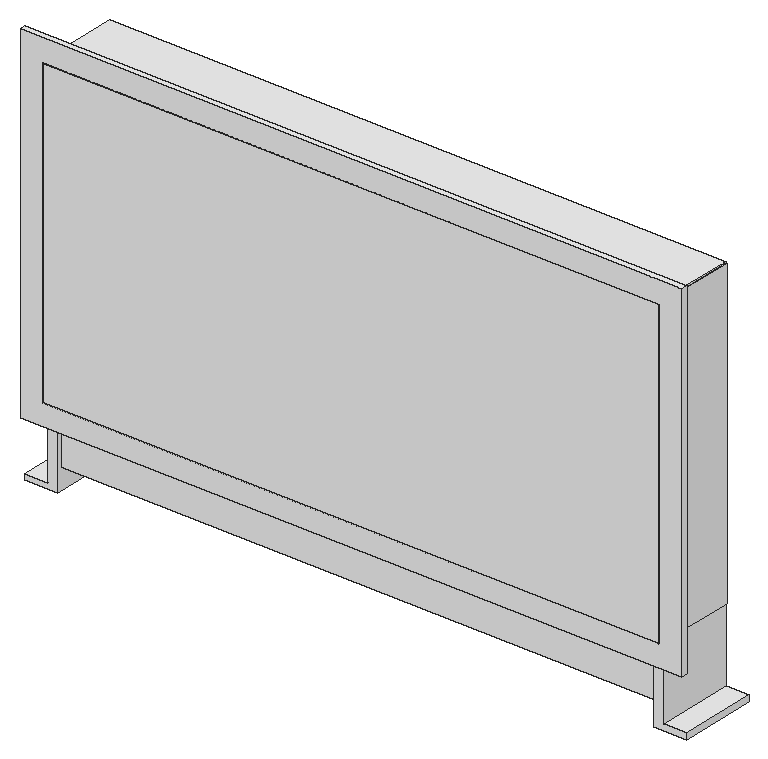
Revit family "1R553FPDB 1031IT_HIGH FLOW", category Pipe Accessories, Revit 2018 (continued)
Definition of nested family "last regulator"
  Automatic sketch dimensions
    Extrusion 7 sketch curve to plane 3 "Center (Left/Right)" = 9.379 mm
    Extrusion 7 sketch curve to Extrusion 7 sketch curve = 7.486 mm
    Extrusion 7 sketch curve to Extrusion 7 sketch curve = 1.039 mm
    Extrusion 8 sketch curve to plane 1 "Center (Front/Back)" = 5.116 mm
    plane 3 "Center (Left/Right)" to Extrusion 8 sketch curve = 9.912 mm
    Extrusion 8 sketch curve to Extrusion 8 sketch curve = 6.525 mm
    Extrusion 8 sketch curve to Extrusion 8 sketch curve = 1.039 mm
    plane 1 "Center (Front/Back)" to Extrusion 9 sketch curve = 6.021 mm
    plane 3 "Center (Left/Right)" to Extrusion 9 sketch curve = 9.379 mm
    Extrusion 9 sketch curve to Extrusion 9 sketch curve = 8.734 mm
    Extrusion 9 sketch curve to Extrusion 9 sketch curve = 1.039 mm
    Extrusion 10 sketch curve to plane 3 "Center (Left/Right)" = 0 mm  (x3)
    plane 1 "Center (Front/Back)" to Extrusion 10 sketch curve = 14.425 mm
    plane 1 "Center (Front/Back)" to Extrusion 10 sketch curve = 7.208 mm  (x2)
    Extrusion 10 sketch curve to plane 1 "Center (Front/Back)" = 0.009 mm
    Extrusion 10 sketch curve to plane 1 "Center (Front/Back)" = 7.225 mm  (x2)
    Extrusion 10 sketch curve to Extrusion 10 sketch curve = 7.217 mm
    plane 3 "Center (Left/Right)" to Extrusion 10 sketch curve = 12.5 mm
    Extrusion 10 sketch curve to plane 3 "Center (Left/Right)" = 12.5 mm
    Revolve 11 sketch curve to plane 1 "Center (Front/Back)" = 13.346 mm
    Revolve 11 sketch curve to Revolve 11 sketch curve = 0.922 mm
    Revolve 11 sketch curve to Revolve 11 sketch curve = 0.937 mm
    Revolve 11 sketch curve to Revolve 11 sketch curve = 0.028 mm
    Revolve 11 sketch curve to Revolve 11 sketch curve = 0 mm  (x5)
    Revolve 11 sketch curve to Revolve 11 sketch curve = 0.014 mm
    Revolve 11 sketch curve to Revolve 11 sketch curve = 0.713 mm  (x7)
    Revolve 11 sketch curve to Revolve 11 sketch curve = 0.726 mm
    level to Revolve 11 sketch curve = 17.3 mm
    Revolve 11 sketch curve to Revolve 11 sketch curve = 1.032 mm
    Revolve 11 sketch curve to Revolve 11 sketch curve = 0.741 mm
    Revolve 11 sketch curve to Revolve 11 sketch curve = 0.931 mm
    Revolve 11 sketch curve to plane 1 "Center (Front/Back)" = 0.009 mm
    level to Revolve 11 sketch curve = 11.05 mm
    Revolve 11 sketch curve to plane 4 = 11.319 mm
    Extrusion 12 sketch curve to plane 3 "Center (Left/Right)" = 0 mm  (x3)
    plane 1 "Center (Front/Back)" to Extrusion 12 sketch curve = 0 mm
    plane 1 "Center (Front/Back)" to Extrusion 12 sketch curve = 8.66 mm  (x2)
    plane 1 "Center (Front/Back)" to Extrusion 12 sketch curve = 17.321 mm
    Extrusion 12 sketch curve to plane 1 "Center (Front/Back)" = 8.66 mm  (x2)
    Extrusion 12 sketch curve to Extrusion 12 sketch curve = 8.66 mm
    plane 3 "Center (Left/Right)" to Extrusion 12 sketch curve = 15 mm
    Extrusion 12 sketch curve to plane 3 "Center (Left/Right)" = 15 mm
    Revolve 13 sketch curve to plane 3 "Center (Left/Right)" = 0 mm  (x2)
    Revolve 13 sketch curve to plane 3 "Center (Left/Right)" = 12.466 mm
    Revolve 13 sketch curve to plane 4 = 2.594 mm
    Revolve 13 sketch curve to Revolve 13 sketch curve = 0 mm
    Revolve 13 sketch curve to Revolve 13 sketch curve = 1.157 mm
    Revolve 13 sketch curve to Revolve 13 sketch curve = 0.968 mm  (x2)
    Revolve 13 sketch curve to plane 4 = 3.751 mm
    Revolve 13 sketch curve to Revolve 13 sketch curve = 5.944 mm
    Revolve 13 sketch curve to Revolve 13 sketch curve = 7.881 mm
    Revolve 13 sketch curve to Revolve 13 sketch curve = 6.11 mm
    plane 4 to Revolve 13 sketch curve = 3.077 mm
    Revolve 14 sketch curve to plane 3 "Center (Left/Right)" = 0 mm  (x2)
    Revolve 14 sketch curve to plane 4 = 0 mm
    plane 3 "Center (Left/Right)" to Revolve 14 sketch curve = 17.125 mm
    Revolve 14 sketch curve to plane 5 = 19.608 mm
    Revolve 14 sketch curve to Revolve 14 sketch curve = 18.992 mm
    Revolve 14 sketch curve to Revolve 14 sketch curve = 22.888 mm
    plane 3 "Center (Left/Right)" to Extrusion 15 sketch curve = 20.309 mm
    Extrusion 15 sketch curve to Extrusion 15 sketch curve = 0.597 mm  (x2)
    Extrusion 15 sketch curve to Extrusion 15 sketch curve = 0.776 mm
    Extrusion 15 sketch curve to Extrusion 15 sketch curve = 1.299 mm
    Extrusion 15 sketch curve to Extrusion 15 sketch curve = 1.449 mm
    Extrusion 15 sketch curve to Extrusion 15 sketch curve = 0.807 mm
    Extrusion 15 sketch curve to plane 5 = 19.608 mm
    Extrusion 15 sketch curve to Extrusion 15 sketch curve = 1.208 mm
    Extrusion 15 sketch curve to Extrusion 15 sketch curve = 0.803 mm
    Extrusion 15 sketch curve to Extrusion 15 sketch curve = 0.601 mm
    Extrusion 16 sketch curve to plane 3 "Center (Left/Right)" = 20.411 mm
    Extrusion 16 sketch curve to Extrusion 16 sketch curve = 0.597 mm  (x2)
    Extrusion 16 sketch curve to Extrusion 16 sketch curve = 0.776 mm
    Extrusion 16 sketch curve to Extrusion 16 sketch curve = 1.299 mm
    Extrusion 16 sketch curve to Extrusion 16 sketch curve = 1.449 mm
    Extrusion 16 sketch curve to Extrusion 16 sketch curve = 0.807 mm
    Extrusion 16 sketch curve to plane 5 = 19.608 mm
    Extrusion 16 sketch curve to Extrusion 16 sketch curve = 1.208 mm
    Extrusion 16 sketch curve to Extrusion 16 sketch curve = 0.803 mm
    Extrusion 16 sketch curve to Extrusion 16 sketch curve = 0.601 mm
    Revolve 17 sketch curve to plane 5 = 0 mm  (x2)
    plane 3 "Center (Left/Right)" to Revolve 17 sketch curve = 16.507 mm
    Revolve 17 sketch curve to Revolve 17 sketch curve = 2.17 mm  (x2)
    Revolve 17 sketch curve to Revolve 17 sketch curve = 21.5 mm
    Revolve 17 sketch curve to Revolve 17 sketch curve = 2.343 mm
    Revolve 17 sketch curve to plane 5 = 16.665 mm
    Revolve 17 sketch curve to Revolve 17 sketch curve = 16.838 mm
    plane 3 "Center (Left/Right)" to Revolve 17 sketch curve = 1.563 mm
    Revolve 17 sketch curve to Revolve 17 sketch curve = 24.042 mm
    radius of Extrusion 3 sketch curve = 1.156 mm
    radius of Extrusion 10 sketch curve = 11.904 mm
    radius of Extrusion 12 sketch curve = 14.53 mm
Definition of nested family "CAP Last "
  Reference planes
    plane 1 "Center (Front/Back)": y = 0
    plane 2: z = 0
    plane 3 "Center (Left/Right)": x = 0
    plane 4: y = -18.487
    plane 5: y = 18.365
    plane 6: y = 0
    plane 7: x = 50
    plane 8: z = 12.042
    plane 9: z = 91.037
    plane 10: z = 51.54
  Forms (mm)
    Extrusion 1, solid
      sketch origin (-0.186, 0, 9.763) x (1, 0, 0) y (0, 1, 0)
        loop
          line (14, 0) -> (7, 12.124) -> (-7, 12.124) -> (-14, 0) -> (-7, -12.124) -> (7, -12.124) -> (14, 0)
        loop
          circle (0, 0) r 10
      from 14.741 to 21.458
    Revolve 2, solid
      sketch origin (0, -0.255, 14.816) x (0, 1, 0) y (0, 0, 1)
        loop
          line (-10.111, 5.44) -> (-11.69, 3.861) -> (-10.742, 2.913) -> (-11.69, 1.965) -> (-10.742, 1.017) -> (-11.69, 0.07) -> (-10.742, -0.878) -> (-11.69, -1.826) -> (-10.742, -2.774) -> (-8.739, -2.774) -> (-8.739, 9.688) -> (-10.111, 9.688) -> (-10.111, 5.44)
        axis (0.255, 9.688) -> (0.255, -2.774)
      angle from 0 to 360
    Extrusion 3, solid
      sketch origin (0, 0, 0.403) x (1, 0, 0) y (0, 1, 0)
        loop
          line (14.104, 8.143) -> (0, 16.286) -> (-14.104, 8.143) -> (-14.104, -8.143) -> (0, -16.286) -> (14.104, -8.143) -> (14.104, 8.143)
        loop
          circle (0, 0) r 13.143
      from 69.435 to 69.99
    Revolve 4, solid
      sketch origin (0, 0, 0) x (1, 0, 0) y (0, 0, 1)
        loop
          line (0, 69.838) -> (-14.186, 69.838) -> (-14.186, 31.222) -> (0, 31.222) -> (0, 69.838)
        axis (0, 69.838) -> (0, 31.222)
      angle from 0 to 360
    Revolve 5, solid
      sketch origin (0, 0, -1.25) x (1, 0, 0) y (0, 0, 1)
        loop
          line (14.116, 51.54) -> (43.111, 51.54) -> (43.111, 69.735) -> (40.493, 71.246) -> (16.733, 71.246) -> (14.116, 69.735) -> (14.116, 51.54)
        axis (14.116, 51.54) -> (43.111, 51.54)
      angle from 0 to 360
    Extrusion 6, solid
      sketch origin (0, 0, 0) x (1, 0, 0) y (0, 1, 0)
        loop
          arc (-1.222, 15.953) -> (-6.252, 14.728) -> (-10.627, 11.961) r 16
          arc (-10.627, 11.961) -> (-12.355, 11.931) -> (-12.325, 10.203) r 1.222
          arc (-12.325, 10.203) -> (-14.835, 5.994) -> (-15.953, 1.222) r 16
          arc (-15.953, 1.222) -> (-17.176, 0) -> (-15.953, -1.222) r 1.222
          arc (-15.953, -1.222) -> (-14.835, -5.994) -> (-12.325, -10.203) r 16
          arc (-12.325, -10.203) -> (-12.355, -11.931) -> (-10.627, -11.961) r 1.222
          arc (-10.627, -11.961) -> (-6.252, -14.728) -> (-1.222, -15.953) r 16
          arc (-1.222, -15.953) -> (0, -17.176) -> (1.222, -15.953) r 1.222
          arc (1.222, -15.953) -> (6.252, -14.728) -> (10.627, -11.961) r 16
          arc (10.627, -11.961) -> (12.355, -11.931) -> (12.325, -10.203) r 1.222
          arc (12.325, -10.203) -> (14.835, -5.994) -> (15.953, -1.222) r 16
          arc (15.953, -1.222) -> (17.176, 0) -> (15.953, 1.222) r 1.222
          arc (15.953, 1.222) -> (14.835, 5.994) -> (12.325, 10.203) r 16
          arc (12.325, 10.203) -> (12.355, 11.931) -> (10.627, 11.961) r 1.222
          arc (10.627, 11.961) -> (6.252, 14.728) -> (1.222, 15.953) r 16
          arc (1.222, 15.953) -> (0, 17.176) -> (-1.222, 15.953) r 1.222
      from 70.393 to 91.037
  Dimensions and locks
    plane 9 to plane 8 = 78.994 mm
    equal spacing: plane 9, plane 10, plane 8
    aligned and locked: level to plane 2
  Automatic sketch dimensions
    plane 1 "Center (Front/Back)" to Extrusion 1 sketch curve = 0 mm  (x3)
    Extrusion 1 sketch curve to plane 3 "Center (Left/Right)" = 14.186 mm
    Extrusion 1 sketch curve to plane 3 "Center (Left/Right)" = 7.186 mm  (x2)
    Extrusion 1 sketch curve to plane 3 "Center (Left/Right)" = 0.186 mm
    plane 3 "Center (Left/Right)" to Extrusion 1 sketch curve = 6.814 mm  (x2)
    plane 3 "Center (Left/Right)" to Extrusion 1 sketch curve = 13.814 mm
    plane 4 to Extrusion 1 sketch curve = 6.363 mm
    Extrusion 1 sketch curve to plane 5 = 6.24 mm
    plane 8 to Revolve 2 sketch curve = 0 mm
    Revolve 2 sketch curve to plane 1 "Center (Front/Back)" = 0 mm
    plane 1 "Center (Front/Back)" to Revolve 2 sketch curve = 8.993 mm
    Revolve 2 sketch curve to Revolve 2 sketch curve = 1.372 mm
    Revolve 2 sketch curve to Revolve 2 sketch curve = 2.004 mm
    Revolve 2 sketch curve to plane 8 = 1.896 mm
    Revolve 2 sketch curve to Revolve 2 sketch curve = 0 mm  (x2)
    Revolve 2 sketch curve to Revolve 2 sketch curve = 0.632 mm
    Revolve 2 sketch curve to plane 8 = 4.739 mm
    Revolve 2 sketch curve to Revolve 2 sketch curve = 0.948 mm  (x2)
    Revolve 2 sketch curve to plane 8 = 2.843 mm
    Revolve 2 sketch curve to Revolve 2 sketch curve = 4.248 mm
    plane 8 to Revolve 2 sketch curve = 2.279 mm
    Revolve 2 sketch curve to Revolve 2 sketch curve = 1.125 mm
    Extrusion 3 sketch curve to plane 3 "Center (Left/Right)" = 0 mm  (x3)
    plane 1 "Center (Front/Back)" to Extrusion 3 sketch curve = 0 mm
    Extrusion 3 sketch curve to plane 3 "Center (Left/Right)" = 14.104 mm
    plane 3 "Center (Left/Right)" to Extrusion 3 sketch curve = 14.104 mm
    plane 1 "Center (Front/Back)" to Extrusion 3 sketch curve = 8.143 mm  (x2)
    plane 4 to Extrusion 3 sketch curve = 2.202 mm
    Extrusion 3 sketch curve to plane 1 "Center (Front/Back)" = 8.143 mm  (x2)
    Extrusion 3 sketch curve to plane 5 = 2.079 mm
    Revolve 4 sketch curve to plane 3 "Center (Left/Right)" = 0 mm  (x2)
    Revolve 4 sketch curve to plane 3 "Center (Left/Right)" = 14.186 mm
    plane 10 to Revolve 4 sketch curve = 20.318 mm
    Revolve 4 sketch curve to plane 10 = 18.298 mm
    level to Revolve 4 sketch curve = 5.869 mm
    Revolve 4 sketch curve to Revolve 4 sketch curve = 1.888 mm
    plane 10 to Revolve 5 sketch curve = 1.25 mm  (x2)
    plane 3 "Center (Left/Right)" to Revolve 5 sketch curve = 14.116 mm
    Revolve 5 sketch curve to Revolve 5 sketch curve = 2.617 mm  (x2)
    Revolve 5 sketch curve to plane 7 = 9.507 mm
    Revolve 5 sketch curve to plane 10 = 16.945 mm  (x2)
    Revolve 5 sketch curve to Revolve 5 sketch curve = 1.511 mm
    plane 3 "Center (Left/Right)" to Revolve 5 sketch curve = 7.026 mm
    Revolve 5 sketch curve to Revolve 5 sketch curve = 4.22 mm
    Extrusion 6 sketch curve to Extrusion 6 sketch curve = 0 mm  (x56)
    plane 1 "Center (Front/Back)" to Extrusion 6 sketch curve = 0 mm  (x3)
    Extrusion 6 sketch curve to plane 3 "Center (Left/Right)" = 0 mm  (x3)
    Extrusion 6 sketch curve to plane 5 = 7.282 mm  (x2)
    Extrusion 6 sketch curve to plane 3 "Center (Left/Right)" = 11.476 mm  (x2)
    plane 4 to Extrusion 6 sketch curve = 7.405 mm  (x2)
    Extrusion 6 sketch curve to Extrusion 6 sketch curve = 4.477 mm  (x2)
    plane 3 "Center (Left/Right)" to Extrusion 6 sketch curve = 11.476 mm  (x2)
    plane 4 to Extrusion 6 sketch curve = 2.534 mm
    Extrusion 6 sketch curve to plane 5 = 2.411 mm
    Extrusion 6 sketch curve to plane 3 "Center (Left/Right)" = 1.222 mm
    Extrusion 6 sketch curve to Extrusion 6 sketch curve = 1.222 mm
    Extrusion 6 sketch curve to Extrusion 6 sketch curve = 0.849 mm  (x6)
    radius of Extrusion 1 sketch curve = 10 mm
    radius of Extrusion 3 sketch curve = 13.143 mm
Definition of nested family "Giacomini Logo"
  Parameters (values of type "Hot Water ball valve")
    Material [instance] = none
  Reference planes
    plane 1 "Center (Front/Back)": y = 0
    plane 2: z = 0
    plane 3 "Center (Left/Right)": x = 0
    plane 4: x = 105
    plane 5 "MODEL TEXT": x = -25.219
    plane 6: x = -24
    plane 7: y = -62.876
    plane 8 "LOGO": x = -18.662
  Forms (mm)
    Extrusion 1, solid, material <- "Material"
      sketch origin (-25.219, 0, -1.25) x (0, 0, -1) y (0, -1, 0)
        loop
          arc (-25.831, 62.394) -> (-26.149, 62.708) -> (-26.596, 62.719) r 0.606
          line (-26.596, 62.719) -> (-29.148, 62.13)
          arc (-29.148, 62.13) -> (-29.309, 63.322) -> (-29.846, 64.4) r 3.684
          arc (-29.846, 64.4) -> (-29.425, 64.435) -> (-29.025, 64.299) r 1.034
          line (-29.025, 64.299) -> (-28.213, 64.199) -> (-26.654, 64.363) -> (-25.834, 63.758) -> (-25.247, 64.345) -> (-25.247, 66.362) -> (-25.813, 66.928) -> (-25.955, 66.123) -> (-26.632, 64.951)
          arc (-26.632, 64.951) -> (-28.308, 65.154) -> (-29.938, 65.594) r 11.785
          arc (-29.938, 65.594) -> (-30.771, 65.35) -> (-31.121, 64.556) r 1.029
          arc (-31.121, 64.556) -> (-31.053, 63.709) -> (-30.885, 62.876) r 7.086
          arc (-30.885, 62.876) -> (-31.456, 62.772) -> (-31.976, 63.03) r 0.921
          arc (-31.976, 63.03) -> (-32.371, 63.599) -> (-33.062, 63.559) r 0.709
          line (-33.062, 63.559) -> (-34.393, 65.264) -> (-35.184, 65.264) -> (-36.776, 65.096)
          arc (-36.776, 65.096) -> (-37.299, 65.423) -> (-37.108, 66.01) r 0.501
          line (-37.108, 66.01) -> (-36.462, 66.552)
          arc (-36.462, 66.552) -> (-36.66, 67.031) -> (-37.166, 67.142) r 0.559
          arc (-37.166, 67.142) -> (-37.635, 66.394) -> (-38.454, 66.062) r 1.438
          arc (-38.454, 66.062) -> (-39.072, 65.951) -> (-39.655, 65.717) r 3.067
          arc (-39.655, 65.717) -> (-39.717, 65.153) -> (-39.466, 64.644) r 1.011
          line (-39.466, 64.644) -> (-38.909, 64.087) -> (-37.815, 63.169) -> (-37.457, 62.401) -> (-36.886, 60.987)
          arc (-36.886, 60.987) -> (-36.447, 60.5) -> (-35.799, 60.409) r 0.958
          line (-35.799, 60.409) -> (-33.432, 60.912)
          arc (-33.432, 60.912) -> (-31.981, 60.803) -> (-30.649, 60.218) r 4.314
          arc (-30.649, 60.218) -> (-29.146, 60.273) -> (-27.771, 60.883) r 3.972
          line (-27.771, 60.883) -> (-26.687, 61.534)
          arc (-26.687, 61.534) -> (-26.649, 60.462) -> (-26.39, 59.42) r 5.152
          arc (-26.39, 59.42) -> (-26.532, 58.958) -> (-26.72, 58.514) r 4.778
          arc (-26.72, 58.514) -> (-26.139, 57.953) -> (-25.837, 57.204) r 1.943
          line (-25.837, 57.204) -> (-25.049, 57.555)
          arc (-25.049, 57.555) -> (-25.637, 58.299) -> (-25.942, 59.197) r 2.791
          arc (-25.942, 59.197) -> (-25.739, 60.79) -> (-25.831, 62.394) r 8.726
        loop
          arc (-35.045, 69.098) -> (-33.226, 69.891) -> (-31.241, 69.906) r 4.951
          arc (-31.241, 69.906) -> (-31.276, 70.67) -> (-32.009, 70.889) r 0.661
          arc (-32.009, 70.889) -> (-33.8, 70.455) -> (-35.045, 69.098) r 3.165
        loop
          arc (-35.821, 67.09) -> (-33.179, 67.665) -> (-30.476, 67.652) r 12.353
          arc (-30.476, 67.652) -> (-33.261, 68.445) -> (-35.821, 67.09) r 3.883
        loop
          circle (-31.976, 62.717) r 9
      from -10.747 to -5.796
    Extrusion 2, solid, material <- "Material"
      sketch origin (-18.662, -55.916, 1203.438) x (0, 1, 0) y (0, 0, 1)
        loop
          line (4.516, -1182.125) -> (3.695, -1182.125) -> (2.628, -1185.056) -> (1.444, -1182.125) -> (0.623, -1182.125) -> (0.623, -1186.485) -> (1.423, -1186.485) -> (1.423, -1183.493) -> (2.628, -1186.475) -> (3.716, -1183.623) -> (3.716, -1186.485) -> (4.516, -1186.485) -> (4.516, -1182.125)
        loop
          line (-1.326, -1182.125) -> (-2.126, -1182.125) -> (-3.713, -1186.485) -> (-2.776, -1186.485) -> (-2.235, -1185) -> (-1.027, -1185) -> (-0.427, -1186.485) -> (0.435, -1186.485) -> (-1.326, -1182.125)
        loop
          line (-0.907, -1184.581) -> (-1.676, -1182.678) -> (-2.369, -1184.581) -> (-0.907, -1184.581)
        loop
          line (-3.908, -1182.125) -> (-5.263, -1182.125)
          arc (-5.263, -1182.125) -> (-7.443, -1184.305) -> (-5.263, -1186.485) r 2.18
          line (-5.263, -1186.485) -> (-3.908, -1186.485) -> (-3.908, -1182.125)
        loop
          line (-4.44, -1185.953) -> (-4.44, -1182.656) -> (-5.263, -1182.656)
          arc (-5.263, -1182.656) -> (-6.911, -1184.305) -> (-5.263, -1185.953) r 1.649
          line (-5.263, -1185.953) -> (-4.44, -1185.953)
        loop
          line (-7.828, -1182.125) -> (-9.911, -1182.125) -> (-9.911, -1182.925) -> (-8.565, -1182.925) -> (-8.565, -1184.123) -> (-9.911, -1184.123) -> (-9.911, -1184.923) -> (-8.565, -1184.923) -> (-8.565, -1185.953) -> (-9.911, -1185.953) -> (-9.911, -1186.753) -> (-7.828, -1186.753) -> (-7.828, -1182.125)
        loop
          line (-11.889, -1182.125) -> (-12.689, -1182.125) -> (-12.689, -1186.485) -> (-11.889, -1186.485) -> (-11.889, -1182.125)
        loop
          line (-13.532, -1182.125) -> (-14.753, -1182.125) -> (-16.653, -1185.416) -> (-16.653, -1182.125) -> (-17.453, -1182.125) -> (-17.453, -1186.485) -> (-16.346, -1186.485) -> (-14.332, -1182.997) -> (-14.332, -1186.485) -> (-13.532, -1186.485) -> (-13.532, -1182.125)
        loop
          line (-0.997, -1188.432) -> (-1.797, -1188.432) -> (-1.797, -1192.432) -> (-0.997, -1192.432) -> (-0.997, -1188.432)
        loop
          line (-3.49, -1192.432) -> (-3.49, -1189.249) -> (-2.399, -1189.249) -> (-2.399, -1188.432) -> (-5.326, -1188.432) -> (-5.326, -1189.249) -> (-4.29, -1189.249) -> (-4.29, -1192.432) -> (-3.49, -1192.432)
        loop
          line (-6.563, -1188.332) -> (-7.622, -1188.332) -> (-9.115, -1192.432) -> (-8.263, -1192.432) -> (-7.926, -1191.507) -> (-6.143, -1191.507) -> (-5.769, -1192.432) -> (-4.906, -1192.432) -> (-6.563, -1188.332)
        loop
          line (-6.312, -1191.088) -> (-7.081, -1189.185) -> (-7.774, -1191.088) -> (-6.312, -1191.088)
        loop
          line (-9.552, -1188.432) -> (-10.352, -1188.432) -> (-10.352, -1191.632) -> (-11.724, -1191.632) -> (-11.724, -1192.432) -> (-9.552, -1192.432) -> (-9.552, -1188.432)
        loop
          line (-11.37, -1188.808) -> (-11.935, -1188.242) -> (-12.935, -1189.242) -> (-13.934, -1188.242) -> (-14.5, -1188.808) -> (-13.469, -1189.839) -> (-13.469, -1192.432) -> (-12.669, -1192.432) -> (-12.669, -1190.107) -> (-11.37, -1188.808)
      from -0.888 to 20
  Dimensions and locks
    aligned and locked: level to plane 2
Types (12, lengths in mm): name | P | Model | Manifold 9 | Manifold 8 | Manifold 7 | Manifold 6 | Manifold 5 | Manifold 4 | Manifold 3 | Manifold 12 | Manifold 11 | Manifold 10 | Manifold 09 | Manifold 08 | Manifold 07 | Manifold 06 | Manifold 05 | Manifold 03 | Manifold 04 | Manifold .12 | Manifold .11 | Manifold .10 | Logo | L1 | L
  (no name) | 500 | "R553FPDB272" | 438 | 388 | 338 | 288 | 238 | 188 | 138 | yes | yes | yes | yes | yes | yes | yes | yes | yes | yes | 588 | 538 | 488 | no | 1068 | 758
  R553FPDB272 | 500 | "R553FPDB272" | 438 | 388 | 338 | 288 | 238 | 188 | 138 | yes | yes | yes | yes | yes | yes | yes | yes | yes | yes | 588 | 538 | 488 | no | 1068 | 758
  R553FPDB271 | 450 | "R553FPDB271" | 438 | 388 | 338 | 288 | 238 | 188 | 138 | yes | yes | yes | yes | yes | yes | yes | yes | yes | yes | 538 | 538 | 488 | yes | 868 | 708
  R553FPDB270 | 400 | "R553FPDB270" | 438 | 388 | 338 | 288 | 238 | 188 | 138 | yes | yes | yes | yes | yes | yes | yes | yes | yes | yes | 488 | 488 | 488 | yes | 868 | 658
  R553FPDB269 | 350 | "R553FPDB269" | 438 | 388 | 338 | 288 | 238 | 188 | 138 | yes | yes | yes | yes | yes | yes | yes | yes | yes | yes | 438 | 438 | 438 | yes | 868 | 608
  R553FPDB268 | 300 | "R553FPDB268" | 388 | 388 | 338 | 288 | 238 | 188 | 138 | yes | yes | yes | yes | yes | yes | yes | yes | yes | yes | 388 | 388 | 388 | yes | 868 | 558
  R553FPDB267 | 250 | "R553FPDB267" | 338 | 338 | 338 | 288 | 238 | 188 | 138 | yes | yes | yes | yes | yes | yes | yes | yes | yes | yes | 338 | 338 | 338 | yes | 668 | 508
  R553FPDB266 | 200 | "R553FPDB266" | 288 | 288 | 288 | 288 | 238 | 188 | 138 | yes | yes | yes | yes | yes | yes | yes | yes | yes | yes | 288 | 288 | 288 | yes | 668 | 458
  R553FPDB265 | 150 | "R553FPDB265" | 238 | 238 | 238 | 238 | 238 | 188 | 138 | yes | yes | yes | yes | yes | yes | yes | yes | yes | yes | 238 | 238 | 238 | yes | 668 | 408
  R553FPDB264 | 100 | "R553FPDB264" | 188 | 188 | 188 | 188 | 188 | 188 | 138 | yes | yes | yes | yes | yes | yes | yes | yes | yes | yes | 188 | 188 | 188 | yes | 668 | 358
  R553FPDB263 | 50 | "R553FPDB263" | 138 | 138 | 138 | 138 | 138 | 138 | 138 | yes | yes | yes | yes | yes | yes | yes | yes | yes | yes | 138 | 138 | 138 | yes | 468 | 308
  R553FPDB262 | 50 | "R553FPDB262" | 88 | 88 | 88 | 88 | 88 | 88 | 88 | no | no | no | no | no | no | no | no | no | no | 88 | 88 | 88 | yes | 468 | 258
